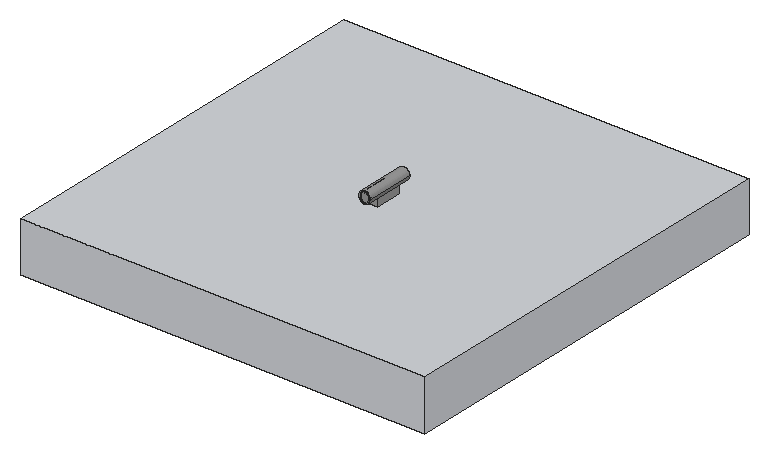
Revit family "LAMP_LUP WALL 70 DIRECT", category Luminarias, Revit 2018 (continued)
Types (2, lengths in mm): name | built-in parameter 1150107 | Product datasheet | Product code | built-in parameter 1150142 | built-in parameter 1150105 | built-in parameter 1150106 | Lumens | built-in parameter 1150104 | Efficacy | Archivo de red fotométrica
  705LM 4000 ASYM BLACK | 4000 (stored number, unit not read) | "http://www.lamp.es/product-files/TECH/LW170DR10AS40NB-EN.pdf" | "LW170DR10AS40NB" | "IESNA:LM-63-2002\r\n[TEST] LW170DR10AS40NB\r\n[TESTLAB] LAMP S.A.U.\r\n[TESTDATE] 13 Nov 2018\r\n[ISSUEDATE] 13 Nov 2018\r\n[MANUFAC] LAMP S.A.U.\r\n[LUMCAT] LW170DR10AS40NB\r\n[LUMINAIRE] LUP WALL Ø70 DIR 1000 NW ASYM BK.\r\n[FLASHAREA] 0.000428\r\n[LAMPCAT] PHILIPS SLM 1203 G6\r\n[LAMP] 1 x 1203 G7 WW a 254mA\r\nTILT=NONE\r\n1 705.23 1.0 91 181 1 2 -0.045 -0.045 0.001\r\n1.00 1.00 10.60\r\n0.00 2.00 4.00 6.00 8.00 10.00 12.00 14.00 16.00 18.00 \r\n20.00 22.00 24.00 26.00 28.00 30.00 32.00 34.00 36.00 \r\n38.00 40.00 42.00 44.00 46.00 48.00 50.00 52.00 54.00 \r\n56.00 58.00 60.00 62.00 64.00 66.00 68.00 70.00 72.00 \r\n74.00 76.00 78.00 80.00 82.00 84.00 86.00 88.00 90.00 \r\n92.00 94.00 96.00 98.00 100.00 102.00 104.00 106.00 \r\n108.00 110.00 112.00 114.00 116.00 118.00 120.00 122.00 \r\n124.00 126.00 128.00 130.00 132.00 134.00 136.00 138.00 \r\n140.00 142.00 144.00 146.00 148.00 150.00 152.00 154.00 \r\n156.00 158.00 160.00 162.00 164.00 166.00 168.00 170.00 \r\n172.00 174.00 176.00 178.00 180.00 \r\n0.00 2.00 4.00 6.00 8.00 10.00 12.00 14.00 16.00 18.00 \r\n20.00 22.00 24.00 26.00 28.00 30.00 32.00 34.00 36.00 \r\n38.00 40.00 42.00 44.00 46.00 48.00 50.00 52.00 54.00 \r\n56.00 58.00 60.00 62.00 64.00 66.00 68.00 70.00 72.00 \r\n74.00 76.00 78.00 80.00 82.00 84.00 86.00 88.00 90.00 \r\n92.00 94.00 96.00 98.00 100.00 102.00 104.00 106.00 \r\n108.00 110.00 112.00 114.00 116.00 118.00 120.00 122.00 \r\n124.00 126.00 128.00 130.00 132.00 134.00 136.00 138.00 \r\n140.00 142.00 144.00 146.00 148.00 150.00 152.00 154.00 \r\n156.00 158.00 160.00 162.00 164.00 166.00 168.00 170.00 \r\n172.00 174.00 176.00 178.00 180.00 182.00 184.00 186.00 \r\n188.00 190.00 192.00 194.00 196.00 198.00 200.00 202.00 \r\n204.00 206.00 208.00 210.00 212.00 214.00 216.00 218.00 \r\n220.00 222.00 224.00 226.00 228.00 230.00 232.00 234.00 \r\n236.00 238.00 240.00 242.00 244.00 246.00 248.00 250.00 \r\n252.00 254.00 256.00 258.00 260.00 262.00 264.00 266.00 \r\n268.00 270.00 272.00 274.00 276.00 278.00 280.00 282.00 \r\n284.00 286.00 288.00 290.00 292.00 294.00 296.00 298.00 \r\n300.00 302.00 304.00 306.00 308.00 310.00 312.00 314.00 \r\n316.00 318.00 320.00 322.00 324.00 326.00 328.00 330.00 \r\n332.00 334.00 336.00 338.00 340.00 342.00 344.00 346.00 \r\n348.00 350.00 352.00 354.00 356.00 358.00 360.00 \r\n482.70 592.00 699.93 821.88 967.68 1121.03 1278.74 \r\n1432.85 1562.25 1661.72 1712.87 1712.77 1657.38 1509.31 \r\n1338.24 1156.84 994.29 857.64 746.06 659.43 581.25 507.66 \r\n405.70 307.55 217.92 143.30 87.67 51.18 43.17 38.02 33.95 \r\n29.31 24.85 20.60 15.98 11.66 7.85 5.37 3.60 2.43 1.70 \r\n1.14 0.75 0.43 0.24 0.00 0.00 0.00 0.00 0.00 0.00 0.00 \r\n0.00 0.00 0.00 0.00 0.00 0.00 0.00 0.00 0.00 0.00 0.00 \r\n0.00 0.00 0.00 0.00 0.00 0.00 0.00 0.00 0.00 0.00 0.00 \r\n0.00 0.00 0.00 0.00 0.00 0.00 0.00 0.00 0.00 0.00 0.00 \r\n0.00 0.00 0.00 0.00 0.00 0.00 \r\n482.70 591.94 699.80 821.66 967.35 1120.62 1278.30 \r\n1432.36 1561.96 1658.95 1707.57 1705.07 1647.35 1498.82 \r\n1327.96 1147.82 987.06 852.02 742.12 656.49 579.12 505.90 \r\n404.30 306.30 216.61 142.34 86.89 50.23 42.58 37.57 33.58 \r\n29.01 24.60 20.38 15.80 11.53 7.77 5.32 3.58 2.42 1.70 \r\n1.14 0.75 0.43 0.24 0.00 0.00 0.00 0.00 0.00 0.00 0.00 \r\n0.00 0.00 0.00 0.00 0.00 0.00 0.00 0.00 0.00 0.00 0.00 \r\n0.00 0.00 0.00 0.00 0.00 0.00 0.00 0.00 0.00 0.00 0.00 \r\n0.00 0.00 0.00 0.00 0.00 0.00 0.00 0.00 0.00 0.00 0.00 \r\n0.00 0.00 0.00 0.00 0.00 0.00 \r\n482.70 591.77 699.39 821.02 966.37 1117.70 1271.74 \r\n1420.51 1543.97 1636.59 1682.49 1678.20 1619.21 1473.35 \r\n1305.59 1129.81 973.72 842.25 735.74 651.70 575.62 503.20 \r\n402.27 304.61 214.74 141.02 85.81 48.55 41.74 36.93 33.06 \r\n28.58 24.24 20.08 15.56 11.36 7.65 5.26 3.56 2.41 1.69 \r\n1.14 0.74 0.43 0.24 0.00 0.00 0.00 0.00 0.00 0.00 0.00 \r\n0.00 0.00 0.00 0.00 0.00 0.00 0.00 0.00 0.00 0.00 0.00 \r\n0.00 0.00 0.00 0.00 0.00 0.00 0.00 0.00 0.00 0.00 0.00 \r\n0.00 0.00 0.00 0.00 0.00 0.00 0.00 0.00 0.00 0.00 0.00 \r\n0.00 0.00 0.00 0.00 0.00 0.00 \r\n482.70 591.48 698.71 819.75 962.89 1111.16 1261.59 \r\n1405.97 1525.52 1614.09 1657.40 1651.03 1590.43 1447.96 \r\n1283.43 1111.49 960.38 832.42 729.16 646.87 572.24 500.93 \r\n400.17 302.77 212.55 139.63 84.71 46.90 40.91 36.29 32.53 \r\n28.15 23.89 19.78 15.31 11.18 7.50 5.20 3.53 2.41 1.69 \r\n1.14 0.74 0.43 0.24 0.00 0.00 0.00 0.00 0.00 0.00 0.00 \r\n0.00 0.00 0.00 0.00 0.00 0.00 0.00 0.00 0.00 0.00 0.00 \r\n0.00 0.00 0.00 0.00 0.00 0.00 0.00 0.00 0.00 0.00 0.00 \r\n0.00 0.00 0.00 0.00 0.00 0.00 0.00 0.00 0.00 0.00 0.00 \r\n0.00 0.00 0.00 0.00 0.00 0.00 \r\n482.70 591.07 697.77 817.54 958.73 1103.93 1250.74 \r\n1391.58 1507.47 1591.66 1632.40 1624.10 1562.07 1422.24 \r\n1261.36 1092.69 947.00 822.63 722.36 642.11 568.67 499.37 \r\n398.05 300.80 209.98 138.34 83.65 47.17 40.07 35.65 32.02 \r\n27.71 23.51 19.50 15.07 11.00 7.34 5.14 3.50 2.40 1.69 \r\n1.13 0.74 0.43 0.24 0.00 0.00 0.00 0.00 0.00 0.00 0.00 \r\n0.00 0.00 0.00 0.00 0.00 0.00 0.00 0.00 0.00 0.00 0.00 \r\n0.00 0.00 0.00 0.00 0.00 0.00 0.00 0.00 0.00 0.00 0.00 \r\n0.00 0.00 0.00 0.00 0.00 0.00 0.00 0.00 0.00 0.00 0.00 \r\n0.00 0.00 0.00 0.00 0.00 0.00 \r\n482.70 590.55 695.85 814.86 954.01 1096.07 1240.65 \r\n1377.28 1489.08 1569.54 1607.29 1597.34 1534.94 1396.43 \r\n1239.22 1074.92 933.52 812.96 714.97 637.16 565.42 496.04 \r\n395.77 298.95 208.76 137.00 82.50 47.12 39.24 35.01 31.54 \r\n27.29 23.15 19.17 14.83 10.83 7.17 5.08 3.47 2.40 1.68 \r\n1.13 0.73 0.43 0.24 0.00 0.00 0.00 0.00 0.00 0.00 0.00 \r\n0.00 0.00 0.00 0.00 0.00 0.00 0.00 0.00 0.00 0.00 0.00 \r\n0.00 0.00 0.00 0.00 0.00 0.00 0.00 0.00 0.00 0.00 0.00 \r\n0.00 0.00 0.00 0.00 0.00 0.00 0.00 0.00 0.00 0.00 0.00 \r\n0.00 0.00 0.00 0.00 0.00 0.00 \r\n482.70 589.92 693.60 811.69 948.75 1087.65 1229.88 \r\n1361.72 1471.00 1548.02 1582.27 1570.16 1509.71 1370.66 \r\n1216.98 1058.58 919.90 803.21 706.59 632.58 562.14 492.34 \r\n393.83 297.28 207.37 135.53 81.36 45.98 38.42 34.37 31.09 \r\n26.86 22.79 18.84 14.58 10.64 7.12 5.02 3.45 2.40 1.68 \r\n1.13 0.73 0.43 0.25 0.00 0.00 0.00 0.00 0.00 0.00 0.00 \r\n0.00 0.00 0.00 0.00 0.00 0.00 0.00 0.00 0.00 0.00 0.00 \r\n0.00 0.00 0.00 0.00 0.00 0.00 0.00 0.00 0.00 0.00 0.00 \r\n0.00 0.00 0.00 0.00 0.00 0.00 0.00 0.00 0.00 0.00 0.00 \r\n0.00 0.00 0.00 0.00 0.00 0.00 \r\n482.70 589.17 691.11 808.03 941.07 1078.39 1216.81 \r\n1342.80 1452.73 1522.18 1557.31 1539.45 1486.92 1343.00 \r\n1194.52 1040.86 906.30 793.35 700.91 627.91 558.65 490.56 \r\n391.79 295.42 204.61 134.22 80.29 42.78 37.58 33.74 30.49 \r\n26.45 22.43 18.52 14.33 10.46 7.07 4.96 3.42 2.39 1.67 \r\n1.13 0.73 0.43 0.25 0.00 0.00 0.00 0.00 0.00 0.00 0.00 \r\n0.00 0.00 0.00 0.00 0.00 0.00 0.00 0.00 0.00 0.00 0.00 \r\n0.00 0.00 0.00 0.00 0.00 0.00 0.00 0.00 0.00 0.00 0.00 \r\n0.00 0.00 0.00 0.00 0.00 0.00 0.00 0.00 0.00 0.00 0.00 \r\n0.00 0.00 0.00 0.00 0.00 0.00 \r\n482.70 588.31 688.39 803.87 932.40 1068.30 1195.82 \r\n1322.38 1418.26 1494.40 1514.56 1502.06 1441.36 1307.13 \r\n1160.33 1014.19 886.24 777.48 689.82 619.05 551.84 484.23 \r\n386.30 291.03 201.15 130.93 78.02 43.34 36.71 33.06 29.87 \r\n25.91 21.97 18.10 13.98 10.20 6.96 4.88 3.39 2.37 1.67 \r\n1.12 0.72 0.43 0.25 0.00 0.00 0.00 0.00 0.00 0.00 0.00 \r\n0.00 0.00 0.00 0.00 0.00 0.00 0.00 0.00 0.00 0.00 0.00 \r\n0.00 0.00 0.00 0.00 0.00 0.00 0.00 0.00 0.00 0.00 0.00 \r\n0.00 0.00 0.00 0.00 0.00 0.00 0.00 0.00 0.00 0.00 0.00 \r\n0.00 0.00 0.00 0.00 0.00 0.00 \r\n482.70 587.11 685.46 797.93 923.09 1052.69 1173.97 \r\n1290.57 1381.05 1447.38 1465.27 1446.36 1384.96 1256.95 \r\n1118.60 978.83 858.93 756.79 672.07 606.53 541.58 474.55 \r\n377.90 283.40 194.11 125.55 74.48 42.11 35.83 32.33 29.25 \r\n25.28 21.38 17.58 13.55 9.88 6.77 4.78 3.35 2.35 1.65 \r\n1.12 0.71 0.43 0.24 0.00 0.00 0.00 0.00 0.00 0.00 0.00 \r\n0.00 0.00 0.00 0.00 0.00 0.00 0.00 0.00 0.00 0.00 0.00 \r\n0.00 0.00 0.00 0.00 0.00 0.00 0.00 0.00 0.00 0.00 0.00 \r\n0.00 0.00 0.00 0.00 0.00 0.00 0.00 0.00 0.00 0.00 0.00 \r\n0.00 0.00 0.00 0.00 0.00 0.00 \r\n482.70 585.69 682.31 791.10 913.14 1035.42 1150.44 \r\n1256.76 1340.15 1397.32 1412.19 1390.80 1329.00 1206.87 \r\n1075.53 945.25 831.66 735.61 656.80 593.87 531.18 465.61 \r\n369.22 275.72 188.16 120.33 71.06 40.01 34.94 31.60 28.56 \r\n24.65 20.79 17.03 13.11 9.55 6.53 4.68 3.31 2.32 1.64 \r\n1.11 0.70 0.42 0.24 0.00 0.00 0.00 0.00 0.00 0.00 0.00 \r\n0.00 0.00 0.00 0.00 0.00 0.00 0.00 0.00 0.00 0.00 0.00 \r\n0.00 0.00 0.00 0.00 0.00 0.00 0.00 0.00 0.00 0.00 0.00 \r\n0.00 0.00 0.00 0.00 0.00 0.00 0.00 0.00 0.00 0.00 0.00 \r\n0.00 0.00 0.00 0.00 0.00 0.00 \r\n482.70 584.16 678.96 783.94 902.40 1018.09 1125.49 \r\n1222.83 1298.46 1347.87 1359.23 1335.23 1278.07 1157.03 \r\n1032.58 910.16 804.39 714.49 639.92 581.26 520.99 456.09 \r\n360.72 268.18 180.82 114.99 67.51 39.51 34.06 30.87 27.87 \r\n24.02 20.20 16.48 12.65 9.24 6.25 4.59 3.27 2.28 1.63 \r\n1.10 0.70 0.41 0.24 0.00 0.00 0.00 0.00 0.00 0.00 0.00 \r\n0.00 0.00 0.00 0.00 0.00 0.00 0.00 0.00 0.00 0.00 0.00 \r\n0.00 0.00 0.00 0.00 0.00 0.00 0.00 0.00 0.00 0.00 0.00 \r\n0.00 0.00 0.00 0.00 0.00 0.00 0.00 0.00 0.00 0.00 0.00 \r\n0.00 0.00 0.00 0.00 0.00 0.00 \r\n482.70 582.52 675.41 776.49 891.20 1000.64 1100.82 \r\n1189.03 1256.98 1300.51 1306.37 1279.96 1221.67 1106.89 \r\n989.40 874.70 777.20 693.38 623.84 568.66 510.63 446.29 \r\n352.18 260.49 174.64 109.66 64.03 37.96 33.17 30.15 27.26 \r\n23.39 19.62 15.95 12.20 8.90 6.16 4.49 3.23 2.28 1.62 \r\n1.09 0.69 0.41 0.24 0.00 0.00 0.00 0.00 0.00 0.00 0.00 \r\n0.00 0.00 0.00 0.00 0.00 0.00 0.00 0.00 0.00 0.00 0.00 \r\n0.00 0.00 0.00 0.00 0.00 0.00 0.00 0.00 0.00 0.00 0.00 \r\n0.00 0.00 0.00 0.00 0.00 0.00 0.00 0.00 0.00 0.00 0.00 \r\n0.00 0.00 0.00 0.00 0.00 0.00 \r\n482.70 580.77 671.48 768.73 879.61 982.85 1075.93 1155.39 \r\n1215.50 1254.94 1253.41 1224.17 1163.95 1056.58 946.06 \r\n840.67 749.82 672.27 607.22 556.05 500.34 438.20 343.50 \r\n252.77 168.47 104.42 60.56 35.80 32.29 29.42 26.53 22.77 \r\n19.02 15.40 11.77 8.58 5.99 4.39 3.19 2.27 1.61 1.08 0.69 \r\n0.40 0.24 0.00 0.00 0.00 0.00 0.00 0.00 0.00 0.00 0.00 \r\n0.00 0.00 0.00 0.00 0.00 0.00 0.00 0.00 0.00 0.00 0.00 \r\n0.00 0.00 0.00 0.00 0.00 0.00 0.00 0.00 0.00 0.00 0.00 \r\n0.00 0.00 0.00 0.00 0.00 0.00 0.00 0.00 0.00 0.00 0.00 \r\n0.00 0.00 0.00 0.00 \r\n482.70 578.90 666.92 760.72 867.65 964.97 1050.15 1121.48 \r\n1174.30 1207.41 1200.33 1168.34 1111.63 1006.68 903.09 \r\n804.55 722.67 651.15 591.12 543.39 490.08 428.05 334.94 \r\n245.22 161.95 99.20 57.02 35.60 31.39 28.69 25.89 22.13 \r\n18.44 14.86 11.31 8.26 5.72 4.29 3.15 2.26 1.60 1.07 0.68 \r\n0.40 0.23 0.00 0.00 0.00 0.00 0.00 0.00 0.00 0.00 0.00 \r\n0.00 0.00 0.00 0.00 0.00 0.00 0.00 0.00 0.00 0.00 0.00 \r\n0.00 0.00 0.00 0.00 0.00 0.00 0.00 0.00 0.00 0.00 0.00 \r\n0.00 0.00 0.00 0.00 0.00 0.00 0.00 0.00 0.00 0.00 0.00 \r\n0.00 0.00 0.00 0.00 \r\n482.70 576.94 662.19 752.06 855.24 947.08 1024.38 1087.81 \r\n1133.43 1158.33 1149.69 1116.42 1057.98 958.98 861.79 \r\n772.03 696.03 630.74 574.78 530.75 479.55 417.90 326.17 \r\n237.44 155.27 94.01 53.69 34.45 30.56 28.00 25.24 21.51 \r\n17.85 14.32 10.88 7.94 5.58 4.20 3.11 2.23 1.59 1.06 0.67 \r\n0.39 0.23 0.00 0.00 0.00 0.00 0.00 0.00 0.00 0.00 0.00 \r\n0.00 0.00 0.00 0.00 0.00 0.00 0.00 0.00 0.00 0.00 0.00 \r\n0.00 0.00 0.00 0.00 0.00 0.00 0.00 0.00 0.00 0.00 0.00 \r\n0.00 0.00 0.00 0.00 0.00 0.00 0.00 0.00 0.00 0.00 0.00 \r\n0.00 0.00 0.00 0.00 \r\n482.70 574.80 657.28 743.24 841.22 927.67 998.35 1054.42 \r\n1093.30 1113.39 1101.53 1066.97 1010.20 917.99 827.53 \r\n743.77 673.84 613.11 561.28 518.69 468.08 406.82 315.52 \r\n228.13 148.06 89.62 51.56 33.78 30.15 27.52 24.64 20.92 \r\n17.26 13.79 10.49 7.69 5.47 4.13 3.07 2.20 1.57 1.05 0.66 \r\n0.39 0.23 0.00 0.00 0.00 0.00 0.00 0.00 0.00 0.00 0.00 \r\n0.00 0.00 0.00 0.00 0.00 0.00 0.00 0.00 0.00 0.00 0.00 \r\n0.00 0.00 0.00 0.00 0.00 0.00 0.00 0.00 0.00 0.00 0.00 \r\n0.00 0.00 0.00 0.00 0.00 0.00 0.00 0.00 0.00 0.00 0.00 \r\n0.00 0.00 0.00 0.00 \r\n482.70 572.50 652.21 734.48 826.90 907.30 972.11 1021.23 \r\n1054.14 1070.62 1055.28 1021.13 969.37 878.79 794.22 \r\n717.52 652.09 596.06 548.07 506.61 456.45 395.19 304.65 \r\n218.74 140.85 85.33 49.59 33.32 29.81 27.08 24.09 20.32 \r\n16.68 13.26 10.10 7.44 5.29 4.06 3.04 2.20 1.55 1.04 0.64 \r\n0.38 0.22 0.00 0.00 0.00 0.00 0.00 0.00 0.00 0.00 0.00 \r\n0.00 0.00 0.00 0.00 0.00 0.00 0.00 0.00 0.00 0.00 0.00 \r\n0.00 0.00 0.00 0.00 0.00 0.00 0.00 0.00 0.00 0.00 0.00 \r\n0.00 0.00 0.00 0.00 0.00 0.00 0.00 0.00 0.00 0.00 0.00 \r\n0.00 0.00 0.00 0.00 \r\n482.70 570.09 646.98 725.49 812.29 886.93 946.60 988.16 \r\n1015.06 1025.28 1009.29 975.45 922.55 840.12 761.55 \r\n690.75 630.73 579.13 534.68 494.53 444.85 384.56 293.67 \r\n209.21 133.59 81.07 47.62 33.00 29.45 26.63 23.56 19.72 \r\n16.09 12.71 9.71 7.19 5.23 4.00 3.00 2.18 1.54 1.03 0.62 \r\n0.37 0.22 0.00 0.00 0.00 0.00 0.00 0.00 0.00 0.00 0.00 \r\n0.00 0.00 0.00 0.00 0.00 0.00 0.00 0.00 0.00 0.00 0.00 \r\n0.00 0.00 0.00 0.00 0.00 0.00 0.00 0.00 0.00 0.00 0.00 \r\n0.00 0.00 0.00 0.00 0.00 0.00 0.00 0.00 0.00 0.00 0.00 \r\n0.00 0.00 0.00 0.00 \r\n482.70 567.59 641.59 716.30 797.43 866.59 920.67 954.92 \r\n975.83 981.19 963.51 928.78 880.29 801.52 728.13 663.98 \r\n609.42 562.23 521.50 482.44 433.23 372.65 282.78 199.82 \r\n125.97 76.73 45.68 32.57 29.10 26.20 23.02 19.13 15.50 \r\n12.20 9.33 6.94 5.06 3.93 2.96 2.14 1.53 1.02 0.63 0.37 \r\n0.21 0.00 0.00 0.00 0.00 0.00 0.00 0.00 0.00 0.00 0.00 \r\n0.00 0.00 0.00 0.00 0.00 0.00 0.00 0.00 0.00 0.00 0.00 \r\n0.00 0.00 0.00 0.00 0.00 0.00 0.00 0.00 0.00 0.00 0.00 \r\n0.00 0.00 0.00 0.00 0.00 0.00 0.00 0.00 0.00 0.00 0.00 \r\n0.00 0.00 0.00 \r\n482.70 564.98 636.07 706.90 782.82 846.02 893.11 921.68 \r\n936.54 938.95 917.18 883.90 834.35 762.63 695.82 636.74 \r\n587.81 545.09 508.29 470.34 421.60 360.51 271.89 190.33 \r\n118.48 72.42 43.69 31.91 28.75 25.75 22.45 18.54 14.92 \r\n11.69 8.94 6.70 4.98 3.86 2.93 2.13 1.51 1.01 0.62 0.36 \r\n0.21 0.00 0.00 0.00 0.00 0.00 0.00 0.00 0.00 0.00 0.00 \r\n0.00 0.00 0.00 0.00 0.00 0.00 0.00 0.00 0.00 0.00 0.00 \r\n0.00 0.00 0.00 0.00 0.00 0.00 0.00 0.00 0.00 0.00 0.00 \r\n0.00 0.00 0.00 0.00 0.00 0.00 0.00 0.00 0.00 0.00 0.00 \r\n0.00 0.00 0.00 \r\n482.70 562.28 630.41 697.31 768.11 825.32 866.75 888.72 \r\n897.46 893.23 871.80 836.69 791.70 723.58 662.65 610.27 \r\n566.34 528.00 495.00 458.23 409.95 348.80 260.92 180.84 \r\n111.87 68.14 41.73 31.71 28.40 25.31 21.88 17.95 14.33 \r\n11.15 8.55 6.45 4.86 3.80 2.89 2.11 1.50 1.00 0.62 0.35 \r\n0.21 0.00 0.00 0.00 0.00 0.00 0.00 0.00 0.00 0.00 0.00 \r\n0.00 0.00 0.00 0.00 0.00 0.00 0.00 0.00 0.00 0.00 0.00 \r\n0.00 0.00 0.00 0.00 0.00 0.00 0.00 0.00 0.00 0.00 0.00 \r\n0.00 0.00 0.00 0.00 0.00 0.00 0.00 0.00 0.00 0.00 0.00 \r\n0.00 0.00 0.00 \r\n482.70 559.48 624.62 687.47 753.30 805.07 841.66 856.98 \r\n860.00 849.65 826.42 791.99 746.32 685.65 629.17 583.72 \r\n544.99 511.10 481.75 446.14 398.31 337.19 249.91 171.47 \r\n104.47 63.78 39.71 31.11 28.05 24.86 21.33 17.35 13.74 \r\n10.62 8.16 6.20 4.71 3.73 2.86 2.09 1.49 0.99 0.60 0.35 \r\n0.20 0.00 0.00 0.00 0.00 0.00 0.00 0.00 0.00 0.00 0.00 \r\n0.00 0.00 0.00 0.00 0.00 0.00 0.00 0.00 0.00 0.00 0.00 \r\n0.00 0.00 0.00 0.00 0.00 0.00 0.00 0.00 0.00 0.00 0.00 \r\n0.00 0.00 0.00 0.00 0.00 0.00 0.00 0.00 0.00 0.00 0.00 \r\n0.00 0.00 0.00 \r\n482.70 556.58 618.83 677.51 738.39 785.34 817.60 828.79 \r\n827.82 814.83 791.06 755.63 713.94 655.63 605.48 563.48 \r\n528.35 497.85 470.35 434.48 386.13 324.52 238.33 161.69 \r\n97.63 60.15 38.23 30.64 27.54 24.29 20.67 16.72 13.18 \r\n10.17 7.85 6.01 4.61 3.67 2.82 2.07 1.47 0.98 0.60 0.34 \r\n0.20 0.00 0.00 0.00 0.00 0.00 0.00 0.00 0.00 0.00 0.00 \r\n0.00 0.00 0.00 0.00 0.00 0.00 0.00 0.00 0.00 0.00 0.00 \r\n0.00 0.00 0.00 0.00 0.00 0.00 0.00 0.00 0.00 0.00 0.00 \r\n0.00 0.00 0.00 0.00 0.00 0.00 0.00 0.00 0.00 0.00 0.00 \r\n0.00 0.00 0.00 \r\n482.70 553.61 612.80 667.44 723.39 766.15 794.50 803.86 \r\n801.63 788.55 763.66 731.76 690.37 636.86 589.19 549.86 \r\n517.24 488.03 460.82 423.25 373.43 310.79 225.98 151.56 \r\n91.02 57.04 37.18 30.19 26.89 23.56 19.93 16.06 12.65 \r\n9.80 7.62 5.88 4.55 3.60 2.77 2.04 1.45 0.96 0.59 0.34 \r\n0.20 0.00 0.00 0.00 0.00 0.00 0.00 0.00 0.00 0.00 0.00 \r\n0.00 0.00 0.00 0.00 0.00 0.00 0.00 0.00 0.00 0.00 0.00 \r\n0.00 0.00 0.00 0.00 0.00 0.00 0.00 0.00 0
